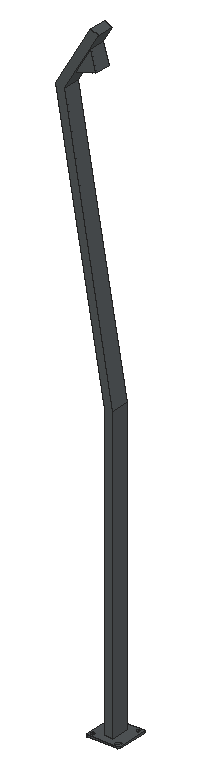
Revit family "Брейк", category Осветительные приборы, Revit 2019
Family settings
  Размер круглого соединителя = Использовать диаметр
  Тип детали = Нормальный
  На основе рабочей плоскости = Нет
  Всегда вертикально = Да
  При загрузке вырезать с полостями = Нет
  Источник света = Да
  Общий = Нет
  Точка расчета площади = Нет
Parameters (values of type "ДТУ159с1 Светодиодный светильник Брейк ДТУ-159-AF-30Вт-4.5")
  built-in parameter 1150104 = 13.8 (stored number, unit not read)
  Цветоывая температура = size_lookup(Таблица выбора, "С", "", ADSK_Артикул, ADSK_Размер_Высота)  # "2700-5500"
  built-in parameter 1150134 = 3
  Файл фотометрической сетки = "DTU-159-AF Break 30W 150х70 2700K.ies"
  Угол наклона = 60.00°
  Тип продукции = size_lookup(Таблица выбора, "T", " ", ADSK_Артикул, ADSK_Размер_Высота)  # "LED-светильник"
  Тип ПРА = "-"
  Тип КСС = size_lookup(Таблица выбора, "KSS", " ", ADSK_Артикул, ADSK_Размер_Высота)  # "тип ШБ (широкая боковая)"
  Тип ИС = size_lookup(Таблица выбора, "IS", " ", ADSK_Артикул, ADSK_Размер_Высота)  # "LED-модуль"
  Температура эксплуатации = size_lookup(Таблица выбора, "T1", " ", ADSK_Артикул, ADSK_Размер_Высота)  # "-40 +50"
  Таблица выбора = "Таблица параметров светильников_par2"
  built-in parameter 1150137 = (empty or 0)
  built-in parameter 1150132 = 2
  built-in parameter 1150114 = 1 (stored number, unit not read)
  Dimming Lamp Color Temperature Shift = (empty or 0)
  built-in parameter 1150105 = 262.61 (stored number, unit not read)
  Color Filter = 16777215
  Lumens = 3300 lm
  built-in parameter 1150109 = 1 (stored number, unit not read)
  built-in parameter 1150112 = 1 (stored number, unit not read)
  built-in parameter 1150110 = 1 (stored number, unit not read)
  built-in parameter 1150113 = 1 (stored number, unit not read)
  built-in parameter 1150115 = 1 (stored number, unit not read)
  built-in parameter 1114218 = 1 (stored number, unit not read)
  built-in parameter 1114217 = 1 (stored number, unit not read)
  Apparent Load = 0 VA
  built-in parameter 1150106 = 2.6261 (stored number, unit not read)
  Область использования = "Парки, скверы, общественные пространства, городская инфраструктура"  # constant formula
  built-in parameter 1150142 = "IESNA:LM-63-1995\r\n[TEST]\t\tALF\r\n[MANUFAC]\tALFRESCO\r\n[LUMCAT]\tDTU-159-AF Break\r\n[LUMINAIRE]\tDTU-159-AF Break 30W 150?70 2700K\r\n[LAMP]\t\tLED Seoul Semiconductor љСWE\r\n[DATE]\t\tLDT Editor version 1.3.0.0 - DIAL GmbH (www.dial.de) on 20-07-2022\r\n[OTHER]\t\tEULUMDAT file: E:\\АРХИВ IES и 3d\\декоративные\\Брейк ДТУ-159\\DTU-159-AF\r\n Break 30W 150х70 2700K.ldt\r\nTILT=NONE\r\n1 3453.1 3.453 91 72 1 2 0.10 0.10 0.00\r\n1.0 1 28.8\r\n0.0 1.0 2.0 3.0 4.0 5.0 6.0 7.0 8.0 9.0 10.0 11.0 12.0 13.0 14.0 15.0 16.0 17.0 18.0 19.0 20.0 21.0 22.0 23.0 24.0 25.0 26.0 27.0\r\n 28.0 29.0 30.0 31.0 32.0 33.0 34.0 35.0 36.0 37.0 38.0 39.0 40.0 41.0 42.0 43.0 44.0 45.0 46.0 47.0 48.0 49.0 50.0 51.0 52.0 53.0\r\n 54.0 55.0 56.0 57.0 58.0 59.0 60.0 61.0 62.0 63.0 64.0 65.0 66.0 67.0 68.0 69.0 70.0 71.0 72.0 73.0 74.0 75.0 76.0 77.0 78.0 79.0\r\n 80.0 81.0 82.0 83.0 84.0 85.0 86.0 87.0 88.0 89.0 90.0\r\n0.0 5.0 10.0 15.0 20.0 25.0 30.0 35.0 40.0 45.0 50.0 55.0 60.0 65.0 70.0 75.0 80.0 85.0 90.0 95.0 100.0 105.0 110.0 115.0 120.0\r\n 125.0 130.0 135.0 140.0 145.0 150.0 155.0 160.0 165.0 170.0 175.0 180.0 185.0 190.0 195.0 200.0 205.0 210.0 215.0 220.0 225.0\r\n 230.0 235.0 240.0 245.0 250.0 255.0 260.0 265.0 270.0 275.0 280.0 285.0 290.0 295.0 300.0 305.0 310.0 315.0 320.0 325.0 330.0\r\n 335.0 340.0 345.0 350.0 355.0 360.0\r\n325.0 291.3 261.2 236.1 215.4 197.8 183.6 174.5 170.9 169.9 168.6 165.4 160.8 155.3 148.2 138.6 127.2 115.6 105.9 98.9 94.8 93.1\r\n 92.8 93.0 93.3 93.8 94.2 93.6 91.5 88.0 84.8 82.7 81.8 81.1 80.1 78.3 75.6 72.0 68.3 65.0 62.6 60.7 58.8 56.4 53.5 50.4 47.1 44.2\r\n 42.0 41.0 41.0 41.4 41.5 41.0 39.8 38.5 37.1 36.1 35.7 36.0 37.2 39.3 42.4 46.2 50.5 55.1 59.5 63.1 65.2 65.9 65.2 63.1 59.4 53.8\r\n 46.8 39.5 33.0 27.4 23.0 19.4 16.4 14.1 12.3 11.1 10.1 9.2 8.1 6.9 5.7 4.5 4.3\r\n325.0 291.3 262.8 240.5 221.6 203.8 188.1 177.2 172.0 169.9 168.0 165.2 161.3 156.8 150.2 141.2 130.2 118.8 108.5 100.8 96.1 94.1\r\n 93.8 93.9 93.7 93.2 92.6 91.5 89.4 86.7 84.3 82.9 82.3 81.5 80.3 78.1 75.3 71.6 67.8 64.4 61.8 59.7 57.6 55.2 52.3 49.3 46.3 43.8\r\n 42.1 41.3 41.3 41.5 41.5 40.9 39.8 38.6 37.5 36.8 36.5 36.8 37.8 39.5 42.0 45.3 49.4 53.8 58.2 61.8 64.2 65.1 64.5 62.4 58.6 53.0\r\n 46.3 39.3 32.9 27.4 22.9 19.3 16.4 14.2 12.5 11.3 10.4 9.5 8.4 7.1 5.9 4.9 3.3\r\n325.0 290.1 262.4 242.8 227.4 211.7 196.2 183.6 175.5 171.1 168.1 165.6 162.7 159.4 154.1 146.7 136.6 125.1 113.7 104.3 98.3 95.9\r\n 95.6 95.7 95.1 93.8 92.1 90.3 88.1 85.8 84.1 83.1 82.6 81.8 80.5 78.2 75.3 71.7 68.0 64.5 61.8 59.5 57.1 54.5 51.7 48.8 46.1 44.0\r\n 42.6 42.0 41.7 41.6 41.3 40.8 39.9 39.0 38.4 38.1 38.1 38.3 38.8 39.8 41.5 44.0 47.5 51.5 55.6 59.0 61.3 62.4 62.0 60.1 56.5 51.4\r\n 45.3 38.9 32.9 27.5 23.1 19.6 16.8 14.6 13.0 11.7 10.8 9.8 8.7 7.4 6.3 5.3 5.3\r\n325.0 288.2 260.0 242.1 230.6 219.1 206.1 192.8 181.9 174.5 169.9 167.1 164.6 162.2 158.3 152.8 144.1 132.9 120.3 109.2 101.6 98.2\r\n 97.5 97.5 96.7 94.9 92.5 90.0 87.5 85.4 83.8 83.0 82.5 81.6 80.2 77.8 75.0 71.5 68.2 65.0 62.3 59.7 57.1 54.3 51.4 48.6 46.2 44.4\r\n 43.2 42.3 41.7 41.2 40.7 40.1 39.4 38.8 38.5 38.6 38.9 39.0 39.1 39.3 40.1 41.8 44.5 47.8 51.2 54.1 56.4 57.7 57.7 56.2 53.3 49.0\r\n 43.8 38.2 32.7 27.6 23.3 20.0 17.3 15.1 13.4 12.1 11.1 10.2 9.1 7.9 6.7 5.7 4.7\r\n325.0 288.1 259.3 241.6 232.5 225.4 215.8 202.9 190.1 180.4 174.3 170.9 168.0 165.5 162.2 157.8 150.5 139.9 127.1 114.9 106.1\r\n 101.4 99.7 99.3 98.1 96.0 93.1 90.2 87.4 85.1 83.4 82.4 81.8 80.8 79.2 76.6 73.7 70.5 67.6 64.9 62.4 59.8 57.0 54.1 51.3 48.6\r\n 46.3 44.6 43.3 42.2 41.1 40.0 39.0 38.2 37.4 36.8 36.6 36.9 37.4 37.5 37.3 37.1 37.2 38.2 39.9 42.1 44.6 47.1 49.3 50.8 51.4 50.6\r\n 48.6 45.5 41.5 36.8 31.9 27.2 23.2 20.0 17.5 15.3 13.7 12.4 11.4 10.4 9.4 8.3 7.2 6.2 4.7\r\n325.0 290.3 261.7 243.0 234.4 229.7 223.1 211.7 198.8 188.3 181.6 177.4 173.4 169.6 165.7 161.5 155.1 145.6 133.7 121.8 112.2\r\n 106.1 103.0 101.6 99.8 97.2 93.8 90.5 87.4 85.0 83.1 81.9 81.1 80.0 78.0 75.0 71.7 68.5 65.9 63.7 61.6 59.2 56.5 53.8 51.0 48.5\r\n 46.3 44.6 43.0 41.5 39.9 38.2 36.8 35.5 34.5 33.6 33.2 33.3 33.6 33.8 33.5 33.0 32.8 33.1 33.9 35.2 36.7 38.6 40.8 42.5 43.6 43.5\r\n 42.5 40.5 37.8 34.1 29.9 25.8 22.3 19.4 17.1 15.1 13.5 12.2 11.3 10.4 9.5 8.5 7.5 6.5 6.7\r\n325.0 295.3 268.7 249.0 238.8 234.1 228.4 218.3 206.4 196.8 190.2 185.3 179.9 174.5 169.5 164.8 158.8 150.5 140.3 129.5 119.8\r\n 112.5 108.0 105.4 102.9 99.6 95.4 91.4 88.0 85.3 83.1 81.8 80.9 79.7 77.3 73.8 69.9 66.5 64.0 62.0 60.2 58.0 55.6 53.1 50.7 48.5\r\n 46.4 44.6 42.8 40.8 38.6 36.4 34.5 33.0 31.6 30.4 29.6 29.2 29.2 29.1 28.6 28.1 27.7 27.6 27.8 28.3 29.1 30.4 32.1 33.7 34.9 35.2\r\n 35.0 34.1 32.3 29.7 26.5 23.2 20.4 18.1 16.1 14.4 12.9 11.8 10.9 10.2 9.3 8.4 7.5 6.8 5.4\r\n325.0 301.2 277.7 257.8 245.7 239.0 232.7 223.2 212.5 203.6 197.1 191.4 185.2 179.2 173.7 168.9 163.1 156.0 147.6 138.2 128.9\r\n 120.9 115.4 111.7 108.3 103.9 98.7 93.8 89.7 86.6 84.2 82.9 81.9 80.6 77.9 74.0 69.7 66.0 63.3 61.2 59.3 57.1 54.7 52.4 50.4 48.5\r\n 46.7 44.8 42.7 40.4 37.9 35.5 33.4 31.6 30.0 28.5 27.2 26.4 25.8 25.2 24.5 23.9 23.4 23.2 23.0 23.0 23.3 23.9 24.9 26.0 26.8 27.2\r\n 27.3 27.0 26.0 24.3 22.0 19.7 17.7 16.1 14.7 13.3 12.1 11.1 10.4 9.7 9.0 8.1 7.3 6.5 7.2\r\n325.0 306.2 286.4 267.6 254.4 245.2 237.3 227.4 216.8 207.7 200.3 193.9 187.8 182.8 178.1 173.7 168.4 162.3 155.1 147.2 138.9\r\n 131.3 125.4 120.9 116.4 110.9 104.7 99.0 94.2 90.6 87.9 86.4 85.2 83.7 80.6 76.5 72.1 68.4 65.4 62.8 60.2 57.4 54.7 52.5 50.7\r\n 49.2 47.5 45.6 43.3 40.8 38.2 35.8 33.6 31.7 29.9 28.2 26.7 25.5 24.4 23.4 22.4 21.5 20.9 20.5 20.3 20.0 19.8 19.9 20.1 20.5 20.7\r\n 20.8 20.8 20.6 20.1 19.0 17.5 16.1 14.9 13.9 13.1 12.1 11.2 10.5 9.9 9.3 8.6 7.8 6.9 6.0 4.7\r\n325.0 307.2 289.7 273.3 260.8 250.5 241.4 231.1 220.3 210.1 201.0 193.9 188.6 185.3 182.2 178.9 174.2 168.8 162.6 156.2 149.4\r\n 143.1 137.6 132.5 127.1 120.8 113.9 107.8 102.7 98.9 95.9 94.1 92.6 90.5 87.0 82.7 78.3 74.6 71.3 67.9 64.3 60.4 57.1 54.7 53.1\r\n 51.8 50.2 48.1 45.6 42.9 40.3 38.0 35.8 33.8 31.9 30.2 28.6 27.3 25.9 24.5 23.0 21.8 20.9 20.3 19.9 19.4 18.9 18.5 18.1 17.8 17.5\r\n 17.1 16.7 16.4 16.0 15.2 14.3 13.4 12.7 12.2 11.7 11.1 10.6 10.0 9.6 9.1 8.5 7.6 6.7 5.6 4.0\r\n325.0 302.8 284.7 271.3 261.7 252.6 243.8 234.1 223.9 213.1 202.9 194.9 190.0 187.7 186.0 183.7 179.9 175.3 170.1 165.0 160.2\r\n 155.6 150.8 145.8 139.9 133.4 126.7 120.8 116.0 112.4 109.6 107.4 105.3 102.6 98.8 94.3 89.9 85.9 82.2 77.9 73.1 68.2 64.2 61.5\r\n 60.0 58.7 57.1 54.8 52.0 48.9 46.1 43.7 41.5 39.5 37.5 35.9 34.5 33.3 31.9 30.2 28.3 26.6 25.2 24.2 23.4 22.6 21.7 20.9 20.1 19.3\r\n 18.3 17.2 16.3 15.5 14.8 14.1 13.3 12.5 11.9 11.5 11.1 10.6 10.2 9.9 9.6 9.1 8.5 7.6 6.7 6.0 4.4\r\n325.0 293.9 272.5 262.0 257.3 251.9 245.2 237.3 228.9 219.1 208.8 199.9 194.3 191.5 190.1 188.3 185.6 181.9 178.1 174.5 171.3\r\n 168.0 164.2 159.8 154.5 148.8 142.8 137.5 133.4 130.4 128.0 125.9 123.5 120.6 116.9 112.6 108.2 103.8 99.4 94.4 88.9 83.4 79.1\r\n 76.2 74.6 73.3 71.7 69.3 66.1 62.8 59.6 56.9 54.5 52.5 50.7 49.3 48.3 47.3 46.0 44.3 42.2 40.0 38.0 36.2 34.6 33.0 31.5 30.2 29.0\r\n 27.7 26.0 24.0 21.9 20.0 18.4 17.0 15.5 14.1 13.0 12.1 11.4 10.9 10.4 10.0 9.7 9.3 8.6 7.8 7.0 6.6 8.1\r\n325.0 284.5 259.4 251.7 252.4 251.8 247.8 242.1 236.2 228.3 218.9 209.2 202.4 198.1 196.0 194.0 192.1 189.7 187.6 185.3 183.1\r\n 180.5 177.5 174.3 170.6 166.6 161.9 157.7 154.2 151.8 149.9 148.2 146.3 143.9 141.1 137.5 133.5 129.1 124.3 118.9 113.2 107.8\r\n 103.7 101.0 99.4 98.2 96.7 94.6 91.7 88.5 85.2 82.4 80.0 78.0 76.3 75.1 74.4 73.9 73.0 71.5 69.3 66.8 64.1 61.4 58.6 55.8 53.3\r\n 51.3 49.6 47.7 45.1 41.6 37.5 33.4 29.6 26.0 22.5 19.3 16.7 14.7 13.2 12.0 11.1 10.5 10.0 9.4 8.8 7.9 7.1 6.6 7.4\r\n325.0 279.4 252.4 247.2 252.4 255.8 254.5 250.5 246.5 240.3 231.9 221.9 213.8 207.9 204.6 201.9 200.3 199.1 198.7 197.8 196.3\r\n 193.9 191.6 189.9 188.6 186.7 183.9 180.6 177.6 175.4 173.9 172.8 171.9 170.8 169.3 167.1 164.1 160.3 155.8 150.7 145.6 141.2\r\n 137.9 135.9 134.6 134.0 133.3 132.2 130.5 128.3 125.8 123.3 121.0 119.2 117.5 116.4 115.8 115.7 115.4 114.5 112.6 109.9 106.6\r\n 102.9 98.8 94.7 91.0 88.3 86.2 83.9 80.3 74.8 67.9 60.1 52.3 44.3 36.8 29.9 24.3 19.9 16.6 14.1 12.4 11.3 10.4 9.7 8.9 8.0 7.1\r\n 6.0 3.9\r\n325.0 279.0 252.5 248.5 256.3 262.4 263.6 261.1 258.3 253.2 246.1 236.8 228.3 221.3 216.4 212.7 211.0 210.6 211.6 211.8 210.9\r\n 209.0 207.7 207.9 208.9 209.5 208.6 206.5 204.0 201.9 200.5 199.9 199.9 200.0 200.1 199.5 198.0 195.4 191.9 188.1 184.6 182.0\r\n 180.1 179.2 178.9 179.5 180.4 181.1 181.3 180.9 179.9 178.6 176.9 175.1 173.4 171.9 171.2 171.4 171.9 171.8 170.4 167.9 164.5\r\n 160.2 155.2 150.2 146.0 143.2 141.5 139.2 134.8 127.1 116.5 103.7 89.6 75.0 60.7 47.8 37.0 28.5 22.1 17.5 14.4 12.5 11.1 10.1 9.1\r\n 8.2 7.2 6.0 3.1\r\n325.0 282.1 256.9 252.6 260.8 268.8 272.8 272.3 270.5 266.3 260.4 252.6 244.6 236.9 230.5 225.7 223.7 223.9 225.7 226.9 227.1\r\n 226.4 226.8 228.9 232.2 234.9 236.0 235.3 233.7 231.8 230.5 230.1 230.6 231.8 233.3 234.5 234.6 233.4 231.6 230.0 229.1 229.1\r\n 229.4 230.0 231.3 233.6 236.4 239.1 241.1 242.6 243.4 243.5 242.7 241.2 239.0 237.0 235.8 236.3 237.6 238.6 238.2 236.4 233.4\r\n 229.4 224.6 219.9 216.7 215.5 215.3 213.9 209.0 199.1 184.2 165.0 142.8 118.9 95.3 73.8 55.5 41.0 30.0 22.3 17.3 14.2 12.3 10.9\r\n 9.7 8.6 7.6 6.5 6.8\r\n325.0 286.0 261.6 255.6 262.7 272.1 279.0 281.0 280.1 276.8 272.5 267.1 260.6 253.0 246.0 240.8 238.7 239.1 241.1 242.8 244.1\r\n 245.4 248.1 252.3 257.5 261.9 264.8 265.9 265.9 265.1 264.3 264.0 265.1 267.4 270.5 273.5 275.1 275.4 275.4 276.5 279.0 282.3\r\n 285.3 288.0 290.9 294.9 299.2 303.2 306.3 308.9 311.1 312.5 312.4 310.9 308.1 305.4 303.8 304.7 307.1 309.5 310.5 310.1 308.4\r\n 305.7 302.6 300.3 300.1 302.3 305.0 305.2 300.0 287.8 267.7 241.0 208.8 173.8 138.8 106.4 78.7 56.4 39.8 28.3 21.0 16.7 14.1 12.4\r\n 10.9 9.6 8.4 7.4 6.2\r\n325.0 290.7 267.3 259.5 264.4 274.4 283.1 287.0 286.7 283.7 280.4 277.0 272.7 267.0 261.1 256.9 255.6 256.2 257.9 259.6 262.1\r\n 265.5 270.6 276.6 282.9 288.3 292.7 295.9 298.0 299.2 299.8 300.7 303.0 306.9 312.0 316.8 319.8 321.4 323.2 327.3 333.5 340.6\r\n 346.6 351.3 355.6 360.4 365.2 369.1 372.0 374.6 377.1 379.3 379.7 378.2 374.8 371.4 369.8 371.2 374.9 379.0 381.9 383.3 383.4\r\n 382.8 382.5 384.0 388.4 395.2 401.6 404.1 398.9 384.0 358.4 323.3 280.5 233.7 186.4 142.4 104.2 73.5 50.7 35.3 25.6 20.0 16.6\r\n 14.4 12.5 11.0 9.7 8.5 6.2\r\n325.0 294.5 272.3 263.1 265.7 274.8 283.6 288.1 287.9 285.3 282.8 281.4 280.2 278.1 275.7 274.0 274.1 275.0 276.3 277.7 280.8\r\n 285.7 292.6 299.8 306.7 312.8 318.4 323.3 327.5 330.9 333.9 337.3 341.9 348.4 355.6 362.2 366.5 369.3 372.6 379.2 388.6 399.2\r\n 408.1 414.7 419.7 424.2 428.0 430.6 432.1 433.6 435.7 438.1 438.9 437.5 433.5 429.7 428.1 430.4 435.4 441.1 445.5 448.5 450.3\r\n 452.0 454.8 460.2 469.3 480.6 490.8 495.5 490.4 473.2 442.5 399.7 347.2 289.6 231.3 176.5 128.7 90.1 61.6 42.4 30.5 23.6 19.4\r\n 16.6 14.4 12.5 11.0 10.0 10.2\r\n325.0 295.7 273.8 264.1 265.0 272.5 279.9 284.4 284.9 283.2 281.8 282.5 284.9 287.5 289.6 291.1 292.8 294.3 295.7 297.3 300.7\r\n 306.1 313.5 321.3 328.9 335.8 342.3 348.2 353.6 358.8 364.5 371.0 378.9 388.2 397.7 405.9 411.3 415.1 419.6 427.7 438.9 451.4\r\n 462.3 470.2 475.4 478.7 480.6 480.8 479.9 479.3 480.3 482.8 484.3 483.3 479.2 475.0 473.4 476.0 481.4 487.5 492.5 496.1 499.0\r\n 502.1 506.9 514.8 526.6 540.7 553.1 559.3 554.5 536.0 502.0 454.2 395.3 330.6 264.7 202.4 147.7 103.3 70.5 48.3 34.7 26.7 21.9\r\n 18.6 15.9 13.7 12.1 11.3 11.2\r\n325.0 293.0 269.7 259.7 259.9 266.0 272.2 276.8 278.9 279.5 280.7 284.2 290.2 297.1 303.1 307.3 310.3 312.6 314.6 316.8 320.2\r\n 325.2 332.3 340.7 349.5 357.9 365.5 372.0 377.6 383.8 391.3 400.7 411.4 423.3 434.6 444.3 450.6 455.1 459.9 467.7 478.4 490.7\r\n 501.9 510.3 515.6 517.9 518.0 515.6 512.0 508.9 508.2 510.2 512.1 511.6 507.6 503.1 500.8 502.6 506.8 511.4 514.7 517.3 519.8\r\n 523.0 528.0 535.9 547.2 560.7 572.5 578.1 573.0 554.3 520.0 471.4 411.2 344.6 276.6 212.2 155.3 109.0 74.6 51.2 36.8 28.2 23.1\r\n 19.5 16.7 14.3 12.4 11.1 12.8\r\n325.0 288.5 263.1 253.2 254.3 260.5 266.3 271.1 274.6 277.9 282.2 288.9 297.9 307.4 315.5 321.4 325.3 328.5 331.5 334.5 337.7\r\n 342.0 348.5 357.4 367.9 378.6 388.0 395.4 401.3 407.6 415.9 426.6 438.7 451.8 464.2 474.9 482.2 487.0 491.2 497.0 505.1 514.5\r\n 523.9 531.5 536.7 538.8 538.0 534.1 528.2 522.3 519.2 519.4 520.5 519.8 515.5 510.2 506.4 505.6 506.4 506.9 506.3 505.7 505.8\r\n 507.4 510.2 515.3 522.7 531.6 539.2 541.7 535.3 517.2 485.4 440.5 384.7 322.7 259.3 199.3 146.5 103.5 71.3 49.3 35.5 27.3 22.4\r\n 19.0 16.3 13.9 11.8 10.1 7.3\r\n325.0 285.9 259.8 251.1 254.3 261.6 267.4 271.4 274.7 279.4 286.6 296.3 307.1 317.6 326.4 333.2 338.2 342.3 345.7 348.8 351.7\r\n 355.4 361.4 370.6 382.5 395.4 407.4 416.9 424.0 430.5 438.3 448.2 459.6 472.2 484.7 495.9 504.1 509.2 512.3 515.3 519.3 524.3\r\n 529.8 535.0 539.1 541.2 540.8 536.6 529.5 521.3 514.8 511.2 509.0 505.7 499.6 492.4 485.8 481.0 476.6 471.5 465.3 459.6 455.5\r\n 453.5 452.6 453.0 454.3 456.3 457.2 454.7 446.1 429.2 402.1 364.7 318.3 266.6 213.9 164.5 121.5 86.7 60.6 42.5 31.1 24.2 20.0\r\n 17.1 14.7 12.6 10.5 8.3 5.9\r\n325.0 286.7 262.3 256.5 262.8 272.1 277.6 279.1 280.2 284.3 293.0 304.3 316.0 326.5 335.3 343.0 349.1 354.1 358.0 361.2 364.0\r\n 367.3 372.6 381.0 392.8 406.8 421.0 433.1 442.5 449.9 457.0 464.9 474.0 484.6 495.9 506.9 515.4 520.7 522.8 523.3 523.2 523.3\r\n 523.8 524.6 525.8 526.7 526.0 521.9 514.1 503.7 493.3 484.2 476.0 467.7 457.9 447.4 436.9 427.4 417.5 406.8 395.0 384.0 375.1\r\n 368.7 363.6 359.0 354.4 349.8 344.4 337.3 327.0 312.2 291.2 263.4 229.1 191.2 152.9 117.8 87.9 64.0 46.0 33.3 25.1 20.0 16.8 14.5\r\n 12.6 10.7 8.9 7.1 4.4\r\n325.0 290.3 269.2 266.2 275.4 286.3 291.5 290.4 288.7 291.2 300.1 311.8 323.3 333.0 341.8 350.3 358.0 364.4 369.4 373.4 376.7\r\n 379.9 384.1 390.5 400.4 413.2 427.9 442.0 453.7 462.5 469.2 475.2 481.8 489.8 499.0 508.4 515.8 520.5 521.7 520.2 516.7 512.3\r\n 507.4 502.9 499.2 496.4 493.3 487.8 478.7 466.2 451.9 437.1 422.3 407.9 393.2 378.8 364.6 351.1 337.3 322.8 307.5 293.0 280.4\r\n 270.5 262.3 254.4 246.4 238.0 229.3 220.0 209.9 198.2 183.8 165.6 143.6 119.4 95.6 74.4 57.0 43.2 32.8 25.1 19.9 16.5 14.1 12.2\r\n 10.6 9.1 7.6 5.9 4.9\r\n325.0 295.3 277.4 275.9 286.0 297.7 303.3 301.3 298.2 299.6 307.9 318.8 329.2 337.7 345.9 354.7 363.8 372.3 379.8 386.1 391.1\r\n 394.7 398.0 401.9 408.3 417.7 430.4 444.1 456.9 466.6 473.6 479.1 484.3 490.0 496.2 502.2 506.6 509.0 508.2 504.6 498.0 489.7\r\n 480.0 470.0 460.4 452.0 444.1 435.1 423.4 408.6 391.0 372.1 352.7 333.9 315.9 298.9 282.5 266.9 251.6 236.4 220.8 205.6 192.1\r\n 180.9 171.5 162.9 154.3 145.5 136.8 128.2 120.0 111.9 103.3 93.1 81.0 67.9 55.4 44.8 36.5 29.9 24.7 20.5 17.3 14.8 12.8 11.1 9.6\r\n 8.3 7.0 5.7 2.0\r\n325.0 301.4 286.1 283.6 291.5 302.5 309.0 308.7 307.0 308.6 316.3 325.8 334.6 341.4 348.3 356.7 366.8 377.8 388.6 398.2 405.8\r\n 410.8 413.9 415.8 418.5 423.6 432.5 443.7 455.2 464.4 471.2 476.5 481.2 485.2 488.0 489.5 489.2 487.5 483.1 476.2 466.1 454.0\r\n 440.1 425.5 410.5 396.5 383.2 370.1 355.5 338.6 319.4 299.0 278.3 258.7 240.4 223.4 207.1 191.9 177.8 164.3 150.8 137.5 125.2\r\n 114.8 106.4 98.9 91.8 84.7 77.9 71.5 65.9 61.0 56.6 51.8 46.2 40.2 34.8 30.4 27.1 24.5 22.0 19.5 17.1 14.8 12.8 11.1 9.7 8.4 7.2\r\n 5.9 5.7\r\n325.0 308.7 296.1 291.4 295.2 303.8 310.7 313.2 314.1 317.2 324.7 333.2 340.7 345.9 351.3 358.8 369.4 382.3 395.9 408.5 418.8\r\n 426.0 429.8 430.8 430.8 432.1 436.9 444.5 453.0 459.9 465.3 469.4 472.8 474.5 473.6 470.3 464.7 458.0 449.2 438.2 424.1 408.3\r\n 390.9 372.9 354.3 336.4 319.6 303.8 287.2 269.4 250.1 230.6 211.6 194.3 178.4 163.7 149.6 136.6 124.8 114.0 103.5 93.0 83.2 74.9\r\n 68.2 62.6 57.5 52.5 47.8 43.4 39.9 37.3 35.3 33.4 31.2 28.9 26.9 25.5 24.5 23.4 22.0 20.1 17.9 15.6 13.5 11.8 10.3 9.0 7.8 6.8\r\n 6.0\r\n325.0 315.8 306.2 299.4 299.0 304.3 310.7 315.0 318.7 323.8 331.5 339.6 346.6 351.5 356.6 363.8 374.6 388.1 402.7 416.6 428.6\r\n 437.6 442.9 444.0 442.7 441.4 443.2 447.5 452.8 456.4 458.5 459.4 459.3 457.3 452.2 444.4 434.3 423.3 410.6 396.1 378.7 359.7\r\n 339.5 319.2 298.9 279.8 262.1 245.8 229.4 212.3 194.6 177.1 161.1 147.0 134.5 123
